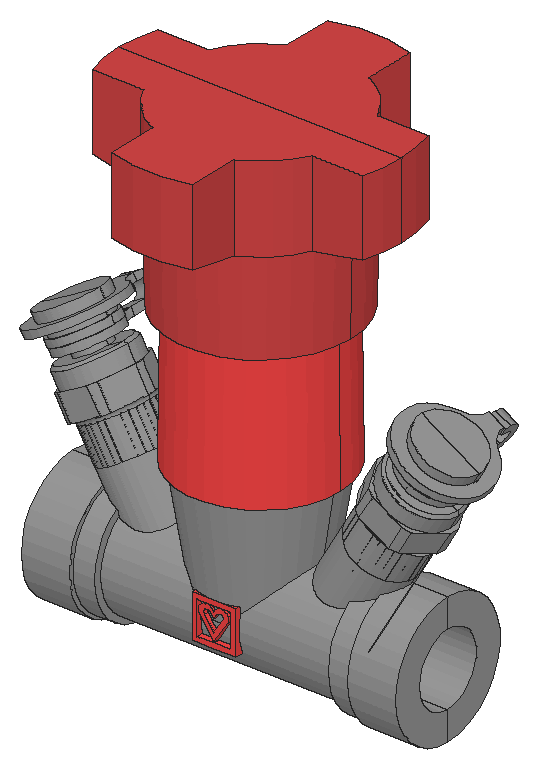
Revit family "HERZ Strömax полиамид, цвет маховика - зеленый 4217 GN", category Rohrzubehör, Revit 2020
Family settings
  Bemaßung runder Anschluss = Durchmesser verwenden
  Teiletyp = Unterbricht
  OmniClass-Nummer = 23.65.55.14
  OmniClass-Titel = Valves for Liquid Services
  Arbeitsebenenbasiert = Nein
  Immer vertikal = Ja
  Beim Laden mit Abzugskörper schneiden = Nein
  Gemeinsam genutzt = Nein
Parameters
  Шпиндель = "латунь CW617N"  # constant formula
  Уплотнение шпинделя = "EPDM"  # constant formula
  Среда = "Качество теплоносителя в соответствии с ÖNORM H5195 и VDI 2035.\r\nДопускается использование этилен- и пропиленгликоля в соотношении 25-50 % с водой."
  Положение клапана при монтаже = "Неподнимающийся шпиндель, расположенный перпендикулярно оси клапана, обеспечивает доступность и лёгкость в обслуживании в любом монтажном положении."
  Область применения = "Балансировочные клапаны применяются для гидравлической балансировки систем отопления и охлаждения, регулировки магистральных трубопроводов, стояков, теплообменников, регистров отопления и охлаждения."
  Номер заказа [instance] = size_lookup("4217_GN_", "Artnr", 0, Nennweite)  # 1421771
  Маховик = "полиамид, цвет маховика - красный"  # constant formula
  Макс. рабочее давление = 2500000.0 Pa  # constant formula
  Макс. рабочая температура (с DN40) = 110 °C  # constant formula
  Макс. рабочая температура (до DN32) = 130 °C  # constant formula
  Корпус = "латунь CW602N"  # constant formula
  Исполнение = "STRÖMAX-GN Балансировочный клапан с равнопроцентной пропускной характеристикой, с измерительными клапанами, 1/2′′ – 2′′.\r\nИсполнение с прямым невыдвижным шпинделем, муфта х муфта, латунный корпус без покрытия, уплотнение шпинделя двойным кольцевым уплотнением O-Ring, преднастройка посредством ограничения хода внутреннего шпинделя, шкала настройки находится на корпусе маховика.\r\nДва измерительных клапана расположены рядом с маховиком."
  Измерение перепада давления = "Клапаны STRÖMAX-GN оснащены двумя измерительными клапанами:\r\nс помощью измерительного прибора можно измерить перепад давления и по нему определить текущий расход в зависимости от степени преднастройки.\r\nHERZ Измерительный компьютер (1 8900 05) позволяет напрямую считывать расход (см. руководство к измерительным приборам)."
  Внутренняя резьба = "в соответствии с ISO 7/1"  # constant formula
  kvs-значения [instance] = if(Nennweite = 15.00 mm, 1.14, if(Nennweite = 20.00 mm, 2.38, if(Nennweite = 25.00 mm, 5.24, if(Nennweite = 32.00 mm, 8.6, if(Nennweite = 40.00 mm, 10.49, if(Nennweite = 50.00 mm, 16.78, 0))))))  # 1.14
  W02 = 60.00°  # constant formula
  W01 = 30.00°  # constant formula
  Vorgabe-Ansicht = 0.00 mm
  URL = "www.herz-armaturen.ru"
  SC_NennweiteBerechnet = 0
  SC_Dimension = ""
  SCRNSEQ = "ARM;ARM_TYP=\"STRV\";2"
  SCRNCODE = "05;07;02"  # constant formula
  S02 = 60.00 mm  # constant formula
  S01 [instance] = DN15_DN50  # 92.00 mm
  R01 [instance] = size_lookup("4217_GN_", "R1", 1.00 mm, Nennweite)  # 11.35 mm
  Nennweite [instance] = 15.00 mm
  ML02 [instance] = size_lookup("4217_GN_", "ML2", 1.00 mm, Nennweite)  # 29.70 mm
  ML01 [instance] = size_lookup("4217_GN_", "ML1", 1.00 mm, Nennweite)  # 15.15 mm
  MD01 = 7.40 mm  # constant formula
  L02 [instance] = size_lookup("4217_GN_", "L2", 1.00 mm, Nennweite)  # 10.00 mm
  L01 [instance] = size_lookup("4217_GN_", "L1", 1.00 mm, Nennweite)  # 14.70 mm
  L00 [instance] = size_lookup("4217_GN_", "L", 1.00 mm, Nennweite)  # 78.00 mm
  IG [instance] = Nennweite / 2  # 7.50 mm
  Hersteller = "HERZ Armaturen Ges.m.b.H."  # constant formula
  H01 = 41.50 mm  # constant formula
  H00 [instance] = size_lookup("4217_GN_", "H", 1.00 mm, Nennweite)  # 25.40 mm
  Вес [instance] = if(Nennweite = 15.00 mm, "0.50 kg", if(Nennweite = 20.00 mm, "0.58 kg", if(Nennweite = 25.00 mm, "0.81 kg", if(Nennweite = 32.00 mm, "1.2 kg", if(Nennweite = 40.00 mm, "1.37 kg", if(Nennweite = 50.00 mm, "2.06 kg", "0 kg"))))))  # "0.50 kg"
  GT [instance] = size_lookup("4217_GN_", "GT", 1.00 mm, Nennweite)  # 13.20 mm
  DN50 [instance] = Nennweite = 50.00 mm  # no
  DN40 [instance] = Nennweite = 40.00 mm  # no
  DN32 [instance] = Nennweite = 32.00 mm  # no
  DN25 [instance] = Nennweite = 25.00 mm  # no
  DN20 [instance] = Nennweite = 20.00 mm  # no
  DN15_DN50 [instance] = if(Nennweite = 15.00 mm, 92.00 mm, if(Nennweite = 20.00 mm, 95.00 mm, if(Nennweite = 25.00 mm, 102.00 mm, if(Nennweite = 32.00 mm, 114.00 mm, if(Nennweite = 40.00 mm, 114.00 mm, if(Nennweite = 50.00 mm, 119.00 mm, 0.00 mm))))))  # 92.00 mm
  DN15 [instance] = Nennweite = 15.00 mm  # yes
  D05 = 16.75 mm  # constant formula
  D04 = 16.25 mm  # constant formula
  D03 [instance] = size_lookup("4217_GN_", "D3", 1.00 mm, Nennweite)  # 15.50 mm
  D02 [instance] = size_lookup("4217_GN_", "D2", 1.00 mm, Nennweite)  # 13.50 mm
  D01 [instance] = size_lookup("4217_GN_", "D1", 1.00 mm, Nennweite)  # 12.70 mm
Reference planes
  plane 1 "Mitte (Vorne/hinten)": y = 0
  plane 2: z = 0
  plane 3 "Mitte (Links/rechts)": x = 0
Forms (mm)
  Revolve 1, solid, material "Messing, weicher Gelbton, geschweißt", detail levels fine
    sketch origin (0, 0, 0) x (1, 0, 0) y (0, 0, 1)
      loop
        line (-39, 13.5) -> (-39, 7.5) -> (-25.8, 7.5) -> (-25.8, 0) -> (25.8, 0) -> (25.8, 7.5) -> (39, 7.5) -> (39, 13.5) -> (29, 13.5) -> (29, 12.7) -> (24.3, 12.7) -> (24.3, 11.35) -> (-24.3, 11.35) -> (-24.3, 12.7) -> (-29, 12.7) -> (-29, 13.5) -> (-39, 13.5)
      axis (-39, 0) -> (39, 0)
    angle from 0 to 360
  Revolve 2, solid, material "Messing, weicher Gelbton, geschweißt", detail levels fine
    sketch origin (0, 0, 0) x (1, 0, 0) y (0, 0, 1)
      loop
        line (15.15, 0) -> (30, 25.721) -> (23.591, 29.421) -> (8.741, 3.7) -> (15.15, 0)
      axis (15.15, 0) -> (30, 25.721)
    angle from 0 to 360
  Revolve 3, solid, material "Messing, weicher Gelbton, geschweißt", detail levels fine
    sketch origin (0, 0, 0) x (-1, 0, 0) y (0, 0, 1)
      loop
        line (15.15, 0) -> (30, 25.721) -> (23.591, 29.421) -> (8.741, 3.7) -> (15.15, 0)
      axis (15.15, 0) -> (30, 25.721)
    angle from 0 to 360
  Revolve 4, solid, material "Messing, weicher Gelbton, geschweißt", detail levels fine
    sketch origin (0, 0, 0) x (1, 0, 0) y (0, 0, 1)
      loop
        line (0, 0) -> (0, 25.4) -> (-15.5, 25.4) -> (-11.35, 0) -> (0, 0)
      axis (0, 25.4) -> (0, 0)
    angle from 0 to 360
  Revolve 5, solid, material "Kunsstoff rot", detail levels fine
    sketch origin (0, 0, 0) x (1, 0, 0) y (0, 0, 1)
      loop
        line (0, 25.4) -> (0, 66.9) -> (-16.25, 66.9) -> (-16.75, 25.4) -> (0, 25.4)
      axis (0, 66.9) -> (0, 25.4)
    angle from 0 to 360
Lines and regions (mm)
  model lines, detail levels coarse+medium
    curve 1: line (-39, 0, 13.5) -> (-39, 0, -13.5)
    curve 2: line (-39, 0, -13.5) -> (39, 0, 13.5)
    curve 3: line (39, 0, 13.5) -> (39, 0, -13.5)
    curve 4: line (39, 0, -13.5) -> (-39, 0, 13.5)
    curve 5: line (0, 0, 0) -> (53.116, 0, 92)
    curve 6: line (27.135, 0, 107) -> (79.097, 0, 77)
    curve 7: line (-39, 13.5, 0) -> (-39, -13.5, 0)
    curve 8: line (-39, -13.5, 0) -> (39, 13.5, 0)
    curve 9: line (39, 13.5, 0) -> (39, -13.5, 0)
    curve 10: line (39, -13.5, 0) -> (-39, 13.5, 0)
    curve 11: line (0, 0, 0) -> (53.116, 92, 0)
    curve 12: line (27.135, 107, 0) -> (79.097, 77, 0)
Dimensions and locks
  "IG": Revolve 1 sketch curve to plane 2
  "GT": Revolve 1 sketch curve to Revolve 1 sketch curve  (x2)
  "IG": Revolve 1 sketch curve to Revolve 1 sketch curve
  "D01": Revolve 1 sketch curve to Revolve 1 sketch curve  (x2)
  "L02": Revolve 1 sketch curve to Revolve 1 sketch curve  (x2)
  "D02": Revolve 1 sketch curve to plane 2  (x2)
  equal spacing: Revolve 1 sketch curve, plane 3 "Mitte (Links/rechts)", Revolve 1 sketch curve
  "L00": Revolve 1 sketch curve to Revolve 1 sketch curve
  "R01": nested 1 to plane 1 "Mitte (Vorne/hinten)"
  "ML01": Revolve 2 sketch curve to plane 3 "Mitte (Links/rechts)"
  "ML02": Revolve 2 sketch curve to Revolve 2 sketch curve
  "MD01": Revolve 2 sketch curve to Revolve 2 sketch curve  (x2)
  "ML02": Revolve 3 sketch curve to Revolve 3 sketch curve
  "MD01": Revolve 3 sketch curve to Revolve 3 sketch curve  (x2)
  "ML01": plane 3 "Mitte (Links/rechts)" to Revolve 3 sketch curve
  "D02": curve 4 to plane 2 to curve 2
  "D02": curve 3 to plane 2 to curve 4
  equal spacing: curve 1, plane 3 "Mitte (Links/rechts)", curve 3
  "L00": curve 1 to curve 3
  equal spacing: Revolve 1, curve 5, Revolve 1
  "S01": curve 5 to plane 2
  equal spacing: curve 6, curve 5, curve 6
  "S02": curve 6 to curve 6
  "D02": curve 8 to plane 1 "Mitte (Vorne/hinten)" to curve 10
  "D02": curve 10 to plane 1 "Mitte (Vorne/hinten)" to curve 9
  equal spacing: curve 7, plane 3 "Mitte (Links/rechts)", curve 9
  "L00": curve 7 to curve 9
  equal spacing: curve 7, curve 11, curve 9
  "S01": plane 1 "Mitte (Vorne/hinten)" to curve 11
  equal spacing: curve 12, curve 11, curve 12
  "S02": curve 12 to curve 12
  "R01": Revolve 1 sketch curve to plane 2
  "H00": Revolve 4 sketch curve to plane 2
  "D03": Revolve 4 sketch curve to Revolve 4 sketch curve
  "R01": Revolve 4 sketch curve to Revolve 4 sketch curve
  "L01": Revolve 1 sketch curve to Revolve 1 sketch curve  (x2)
  "H01": Revolve 5 sketch curve to Revolve 5 sketch curve
  "H00": Revolve 5 sketch curve to plane 2
  "D04": Revolve 5 sketch curve to Revolve 5 sketch curve
  "D05": Revolve 5 sketch curve to Revolve 5 sketch curve
  "DN15_DN50": nested 14 to plane 2
  "W01": angle Revolve 2 sketch curve to plane 3 "Mitte (Links/rechts)"  (x2)
  "W01": angle plane 3 "Mitte (Links/rechts)" to Revolve 3 sketch curve  (x2)
  "W02": angle plane 2 to curve 5
  "W02": angle plane 1 "Mitte (Vorne/hinten)" to curve 11
  aligned and locked: level to plane 2
Automatic sketch dimensions
  Revolve 1 sketch curve to level = 0.00 mm  (x2)
  Revolve 1 sketch curve to Revolve 1 sketch curve = 1429.986 mm
  Revolve 1 sketch curve to Revolve 1 sketch curve = 1762.604 mm
  Revolve 2 sketch curve to level = 0.00 mm  (x2)
  Revolve 3 sketch curve to level = 0.00 mm  (x2)
  Revolve 4 sketch curve to level = 0.00 mm
  Revolve 4 sketch curve to plane 3 "Mitte (Links/rechts)" = 0.00 mm  (x2)
  Revolve 4 sketch curve to level = 366.045 mm
  Revolve 4 sketch curve to Revolve 4 sketch curve = 2188.915 mm
  Revolve 5 sketch curve to plane 3 "Mitte (Links/rechts)" = 0.00 mm  (x2)
  Revolve 5 sketch curve to level = 366.045 mm
  Revolve 5 sketch curve to Revolve 5 sketch curve = 2147.415 mm
Nested families
  nested 1: "Herz-Logo-vorne" at (0, -11.35, 0) x (0, 1, 0) z (0, 0, 1), type "Herz-Logo-vorne", detail levels fine
  nested 2: "Messstutzen_Band_Austritt_30Grad_(oben)" at (37.95, 0, 29.878), visible <- "DN50", type "Messstutzen_Band_Austritt_30Grad_(oben)", detail levels fine
    with Schutzkappe yes, Nennweite 0.00 mm, Gewicht 0.00 kg, Bestellnummer 0
  nested 3: "Messstutzen_Band_Eintritt_30Grad_(oben)" at (-37.95, 0, 29.878) x (-1, 0, 0) z (0, 0, 1), visible <- "DN50", type "Messstutzen_Band_Eintritt_30Grad_(oben)", detail levels fine
    with Schutzkappe yes, Nennweite 0.00 mm, Gewicht 0.00 kg, Bestellnummer 0
  nested 4: "Messstutzen_Band_Austritt_30Grad_(oben)" at (21.25, 0, 10.566), visible <- "DN15", type "Messstutzen_Band_Austritt_30Grad_(oben)", detail levels fine
    with Schutzkappe yes, Nennweite 0.00 mm, Gewicht 0.00 kg, Bestellnummer 0
  nested 5: "Messstutzen_Band_Eintritt_30Grad_(oben)" at (-21.25, 0, 10.566) x (-1, 0, 0) z (0, 0, 1), visible <- "DN15", type "Messstutzen_Band_Eintritt_30Grad_(oben)", detail levels fine
    with Schutzkappe yes, Nennweite 0.00 mm, Gewicht 0.00 kg, Bestellnummer 0
  nested 6: "Messstutzen_Band_Eintritt_30Grad_(oben)" at (-20.175, 0, 12.601) x (-1, 0, 0) z (0, 0, 1), visible <- "DN20", type "Messstutzen_Band_Eintritt_30Grad_(oben)", detail levels fine
    with Schutzkappe yes, Nennweite 0.00 mm, Gewicht 0.00 kg, Bestellnummer 0
  nested 7: "Messstutzen_Band_Austritt_30Grad_(oben)" at (20.175, 0, 12.601), visible <- "DN20", type "Messstutzen_Band_Austritt_30Grad_(oben)", detail levels fine
    with Schutzkappe yes, Nennweite 0.00 mm, Gewicht 0.00 kg, Bestellnummer 0
  nested 8: "Messstutzen_Band_Eintritt_30Grad_(oben)" at (-21.8, 0, 15.762) x (-1, 0, 0) z (0, 0, 1), visible <- "DN25", type "Messstutzen_Band_Eintritt_30Grad_(oben)", detail levels fine
    with Schutzkappe yes, Nennweite 0.00 mm, Gewicht 0.00 kg, Bestellnummer 0
  nested 9: "Messstutzen_Band_Austritt_30Grad_(oben)" at (21.8, 0, 15.762), visible <- "DN25", type "Messstutzen_Band_Austritt_30Grad_(oben)", detail levels fine
    with Schutzkappe yes, Nennweite 0.00 mm, Gewicht 0.00 kg, Bestellnummer 0
  nested 10: "Messstutzen_Band_Eintritt_30Grad_(oben)" at (-27.95, 0, 20.352) x (-1, 0, 0) z (0, 0, 1), visible <- "DN32", type "Messstutzen_Band_Eintritt_30Grad_(oben)", detail levels fine
    with Schutzkappe yes, Nennweite 0.00 mm, Gewicht 0.00 kg, Bestellnummer 0
  nested 11: "Messstutzen_Band_Austritt_30Grad_(oben)" at (27.95, 0, 20.352), visible <- "DN32", type "Messstutzen_Band_Austritt_30Grad_(oben)", detail levels fine
    with Schutzkappe yes, Nennweite 0.00 mm, Gewicht 0.00 kg, Bestellnummer 0
  nested 12: "Messstutzen_Band_Eintritt_30Grad_(oben)" at (-33.7, 0, 23.729) x (-1, 0, 0) z (0, 0, 1), visible <- "DN40", type "Messstutzen_Band_Eintritt_30Grad_(oben)", detail levels fine
    with Schutzkappe yes, Nennweite 0.00 mm, Gewicht 0.00 kg, Bestellnummer 0
  nested 13: "Messstutzen_Band_Austritt_30Grad_(oben)" at (33.7, 0, 23.729), visible <- "DN40", type "Messstutzen_Band_Austritt_30Grad_(oben)", detail levels fine
    with Schutzkappe yes, Nennweite 0.00 mm, Gewicht 0.00 kg, Bestellnummer 0
  nested 14: "Strangregulierventil-Handrad_(Rot) DN15-DN50" at (0, 0, 54.6), type "Strangregulierventil-Handrad_(Rot) DN15-DN50", detail levels fine
Connectors
  piping at (-25.8, 0, 0), diameter 15, driven by "Nennweite"
    settings: on Revolve 1, index 1, connector inside diameter 609.6 mm, connector length 0.00 mm, flow factor 0, pipe flow 0.0 L/s, pressure drop 0.0 Pa, fitting loss kfactor 0, connector angle 0.00°, fixture units 0, engagement length 0.00 mm, angle of deflection 0.00°, flow configuration 0, flow direction 1, fitting loss method 0, system type 29, joint type 0, gender type 0, connector reference index -1, connector utility 0, adjustable connector no, is connector primary yes, connector description ""
  piping at (25.8, 0, 0), diameter 15, driven by "Nennweite"
    settings: on Revolve 1, index 2, connector inside diameter 609.6 mm, connector length 0.00 mm, flow factor 0, pipe flow 0.0 L/s, pressure drop 0.0 Pa, fitting loss kfactor 0, connector angle 0.00°, fixture units 0, engagement length 0.00 mm, angle of deflection 0.00°, flow configuration 0, flow direction 2, fitting loss method 0, system type 29, joint type 0, gender type 0, connector reference index -1, connector utility 0, adjustable connector no, is connector primary no, connector description ""
Definition of nested family "Herz-Logo-vorne"
  Parameters (values of type "Herz-Logo-vorne")
    Default Elevation = 0.00 mm
  Reference planes
    plane 1 "Mitte (Vorne/hinten)": y = 0
    plane 2: z = 0
    plane 3 "Mitte (Links/rechts)": x = 0
  Forms (mm)
    Extrusion 1, solid
      sketch origin (0.732, -0.018, 0.017) x (0, -1, 0) y (0, 0, 1)
        loop
          line (-0.018, -4.517) -> (4.482, -4.517) -> (4.482, 4.483) -> (-4.518, 4.483) -> (-4.518, -4.517) -> (-0.018, -4.517)
        loop
          line (-0.05, -3.48) -> (3.482, -3.48) -> (3.482, 3.483) -> (-3.518, 3.483) -> (-3.518, -3.48) -> (-0.05, -3.48)
        loop
          arc (-0.018, 2.383) -> (-1.543, 3.287) -> (-3.067, 2.383) r 1.738
          arc (-3.067, 2.383) -> (-3.191, 1.899) -> (-3.067, 1.415) r 1.009
          line (-3.067, 1.415) -> (-0.018, -3.281) -> (3.032, 1.415)
          arc (3.032, 1.415) -> (3.156, 1.899) -> (3.032, 2.383) r 1.009
          arc (3.032, 2.383) -> (1.507, 3.287) -> (-0.018, 2.383) r 1.738
        loop
          arc (1.885, 1.272) -> (2.005, 1.675) -> (1.885, 2.079) r 0.74
          arc (1.885, 2.079) -> (1.265, 2.416) -> (0.644, 2.079) r 0.74
          line (0.644, 2.079) -> (-0.018, 0.97) -> (-0.679, 2.079)
          arc (-0.679, 2.079) -> (-1.3, 2.416) -> (-1.921, 2.079) r 0.74
          arc (-1.921, 2.079) -> (-2.04, 1.675) -> (-1.921, 1.272) r 0.74
          line (-1.921, 1.272) -> (-0.018, -1.658) -> (1.885, 1.272)
      from 0 to 1.5
  Dimensions and locks
    aligned and locked: level to plane 2
Definition of nested family "Messstutzen_Band_Austritt_30Grad_(oben)"
  Parameters (values of type "Messstutzen_Band_Austritt_30Grad_(oben)")
    Default Elevation = 0.00 mm
    URL = "www.herz-armaturen.at"
    Schutzkappe [instance] = yes
    Nennweite [instance] = 0.00 mm
    Manufacturer = "Herz Armaturen GmbH"  # constant formula
    Gewicht [instance] = 0.00 kg
    Bestellnummer [instance] = 0
  Reference planes
    plane 1 "Mitte (Vorne/hinten)": y = 0
    plane 2: z = 0
    plane 3 "Mitte (Links/rechts)": x = 0
  Forms (mm)
    Revolve 1, solid, detail levels fine
      sketch origin (0, 0, 0) x (0.866025, 0, -0.5) y (0.5, 0, 0.866025)
        loop
          line (-7.4, 9) -> (-5.55, 9) -> (-5.55, 6)
          arc (-5.55, 6) -> (-5.626, 5.617) -> (-5.843, 5.293) r 1
          line (-5.843, 5.293) -> (-6.455, 4.681) -> (-6.455, 0.9) -> (-5.555, 0) -> (-2, 0) -> (-2, 17.5) -> (-8.4, 17.5)
          arc (-8.4, 17.5) -> (-7.693, 17.207) -> (-7.4, 16.5) r 1
          line (-7.4, 16.5) -> (-7.4, 9)
        loop
          line (-3.7, 27) -> (-7.3, 27) -> (-7.9, 26.4) -> (-7.9, 23) -> (-2, 23) -> (-2, 35.8) -> (-3.805, 35.8) -> (-4.415, 35.19) -> (-4.415, 30.863) -> (-3.7, 30.45) -> (-3.7, 27)
        axis (0, 0) -> (0, 35.8)
      angle from 0 to 360
    Extrusion 2, solid, detail levels fine
      sketch origin (8.75, 0, 15.155) x (0, 1, 0) y (-0.866025, 0, 0.5)
        loop
          arc (-7.07, 5.156) -> (-7.578, 4.375) -> (-8, 3.544) r 8.75
          line (-8, 3.544) -> (-8, -3.544)
          arc (-8, -3.544) -> (-7.578, -4.375) -> (-7.07, -5.156) r 8.75
          line (-7.07, -5.156) -> (-0.93, -8.7)
          arc (-0.93, -8.7) -> (0, -8.75) -> (0.93, -8.7) r 8.75
          line (0.93, -8.7) -> (7.07, -5.156)
          arc (7.07, -5.156) -> (7.578, -4.375) -> (8, -3.544) r 8.75
          line (8, -3.544) -> (8, 3.544)
          arc (8, 3.544) -> (7.578, 4.375) -> (7.07, 5.156) r 8.75
          line (7.07, 5.156) -> (0.93, 8.7)
          arc (0.93, 8.7) -> (0, 8.75) -> (-0.93, 8.7) r 8.75
          line (-0.93, 8.7) -> (-7.07, 5.156)
      from 0 to 5.5
    Revolve 3, solid, visible <- "Schutzkappe", detail levels fine
      sketch origin (0, 0, 0) x (0.866025, 0, -0.5) y (0.5, 0, 0.866025)
        loop
          line (0, 35.878) -> (0, 36.678) -> (-7, 36.678) -> (-7, 33.378) -> (-6.1, 33.378) -> (-6.1, 31.678) -> (-6.9, 31.678) -> (-6.9, 30.178) -> (-4.415, 30.178) -> (-4.415, 35.268) -> (-3.805, 35.878) -> (0, 35.878)
        axis (0, 30.178) -> (0, 36.678)
      angle from 0 to 360
    Extrusion 4, solid, detail levels fine
      sketch origin (14.25, 0, 24.682) x (0, 1, 0) y (0.866025, 0, -0.5)
        loop
          circle (0, 0) r 3.7
        loop
          arc (5.505, -3.906) -> (7.288, -2.358) -> (9.582, -1.8) r 5
          line (9.582, -1.8) -> (9.582, 1.8)
          arc (9.582, 1.8) -> (7.288, 2.358) -> (5.505, 3.906) r 5
          arc (5.505, 3.906) -> (-6.75, 0) -> (5.505, -3.906) r 6.75
      from 0 to -1.5
    Extrusion 5, solid, detail levels fine
      sketch origin (16.589, 0, 28.733) x (0, 1, 0) y (0.866025, 0, -0.5)
        loop
          circle (0, 0) r 6.1
        loop
          arc (8.652, -4.495) -> (10.493, -2.527) -> (13.089, -1.8) r 5
          line (13.089, -1.8) -> (13.089, 1.8)
          arc (13.089, 1.8) -> (10.493, 2.527) -> (8.652, 4.495) r 5
          arc (8.652, 4.495) -> (-9.75, 0) -> (8.652, -4.495) r 9.75
      from 0 to -1.5
    Sweep 6, solid, detail levels fine
      path origin (1.029, 0.159, 0.98) x (-0.5, 0, -0.866025) y (0, 1, 0)
        loop
          line (-27.75, 9.582) -> (-27.75, 14.522)
          arc (-27.75, 14.522) -> (-30.089, 16.862) -> (-32.428, 14.522) r 2.339
          line (-32.428, 14.522) -> (-32.428, 13.089)
      profile origin (14.904, 12.211, 25.012) x (0.5, 0, 0.866025) y (0.866025, 0, -0.5)
        loop
          line (-0.75, -1.8) -> (0.75, -1.8) -> (0.75, 1.8) -> (-0.75, 1.8) -> (-0.75, -1.8)
  Dimensions and locks
    aligned and locked: level to plane 2
Definition of nested family "Messstutzen_Band_Eintritt_30Grad_(oben)"
  Parameters (values of type "Messstutzen_Band_Eintritt_30Grad_(oben)")
    Default Elevation = 0.00 mm
    URL = "www.herz-armaturen.at"
    Schutzkappe [instance] = yes
    Nennweite [instance] = 0.00 mm
    Manufacturer = "Herz Armaturen GmbH"  # constant formula
    Gewicht [instance] = 0.00 kg
    Bestellnummer [instance] = 0
  Reference planes
    plane 1 "Mitte (Vorne/hinten)": y = 0
    plane 2: z = 0
    plane 3 "Mitte (Links/rechts)": x = 0
  Forms (mm)
    Revolve 1, solid, detail levels fine
      sketch origin (0, 0, 0) x (0.866025, 0, -0.5) y (0.5, 0, 0.866025)
        loop
          line (-7.4, 9) -> (-5.55, 9) -> (-5.55, 6)
          arc (-5.55, 6) -> (-5.626, 5.617) -> (-5.843, 5.293) r 1
          line (-5.843, 5.293) -> (-6.455, 4.681) -> (-6.455, 0.9) -> (-5.555, 0) -> (-2, 0) -> (-2, 17.5) -> (-8.4, 17.5)
          arc (-8.4, 17.5) -> (-7.693, 17.207) -> (-7.4, 16.5) r 1
          line (-7.4, 16.5) -> (-7.4, 9)
        loop
          line (-3.7, 27) -> (-7.3, 27) -> (-7.9, 26.4) -> (-7.9, 23) -> (-2, 23) -> (-2, 35.8) -> (-3.805, 35.8) -> (-4.415, 35.19) -> (-4.415, 30.863) -> (-3.7, 30.45) -> (-3.7, 27)
        axis (0, 0) -> (0, 35.8)
      angle from 0 to 360
    Extrusion 2, solid, detail levels fine
      sketch origin (8.75, 0, 15.155) x (0, 1, 0) y (-0.866025, 0, 0.5)
        loop
          arc (-7.07, 5.156) -> (-7.578, 4.375) -> (-8, 3.544) r 8.75
          line (-8, 3.544) -> (-8, -3.544)
          arc (-8, -3.544) -> (-7.578, -4.375) -> (-7.07, -5.156) r 8.75
          line (-7.07, -5.156) -> (-0.93, -8.7)
          arc (-0.93, -8.7) -> (0, -8.75) -> (0.93, -8.7) r 8.75
          line (0.93, -8.7) -> (7.07, -5.156)
          arc (7.07, -5.156) -> (7.578, -4.375) -> (8, -3.544) r 8.75
          line (8, -3.544) -> (8, 3.544)
          arc (8, 3.544) -> (7.578, 4.375) -> (7.07, 5.156) r 8.75
          line (7.07, 5.156) -> (0.93, 8.7)
          arc (0.93, 8.7) -> (0, 8.75) -> (-0.93, 8.7) r 8.75
          line (-0.93, 8.7) -> (-7.07, 5.156)
      from 0 to 5.5
    Revolve 3, solid, visible <- "Schutzkappe", detail levels fine
      sketch origin (0, 0, 0) x (0.866025, 0, -0.5) y (0.5, 0, 0.866025)
        loop
          line (0, 35.878) -> (0, 36.678) -> (-7, 36.678) -> (-7, 33.378) -> (-6.1, 33.378) -> (-6.1, 31.678) -> (-6.9, 31.678) -> (-6.9, 30.178) -> (-4.415, 30.178) -> (-4.415, 35.268) -> (-3.805, 35.878) -> (0, 35.878)
        axis (0, 30.178) -> (0, 36.678)
      angle from 0 to 360
    Extrusion 4, solid, detail levels fine
      sketch origin (14.25, 0, 24.682) x (0, 1, 0) y (0.866025, 0, -0.5)
        loop
          circle (0, 0) r 3.7
        loop
          arc (5.505, -3.906) -> (7.288, -2.358) -> (9.582, -1.8) r 5
          line (9.582, -1.8) -> (9.582, 1.8)
          arc (9.582, 1.8) -> (7.288, 2.358) -> (5.505, 3.906) r 5
          arc (5.505, 3.906) -> (-6.75, 0) -> (5.505, -3.906) r 6.75
      from 0 to -1.5
    Extrusion 5, solid, detail levels fine
      sketch origin (16.589, 0, 28.733) x (0, 1, 0) y (0.866025, 0, -0.5)
        loop
          circle (0, 0) r 6.1
        loop
          arc (8.652, -4.495) -> (10.493, -2.527) -> (13.089, -1.8) r 5
          line (13.089, -1.8) -> (13.089, 1.8)
          arc (13.089, 1.8) -> (10.493, 2.527) -> (8.652, 4.495) r 5
          arc (8.652, 4.495) -> (-9.75, 0) -> (8.652, -4.495) r 9.75
      from 0 to -1.5
    Sweep 6, solid, detail levels fine
      path origin (0.933, -0.183, 1.116) x (-0.5, 0, -0.866025) y (0, 1, 0)
        loop
          line (-27.75, 9.582) -> (-27.75, 14.522)
          arc (-27.75, 14.522) -> (-30.089, 16.862) -> (-32.428, 14.522) r 2.339
          line (-32.428, 14.522) -> (-32.428, 13.089)
      profile origin (14.808, 11.869, 25.148) x (0.5, 0, 0.866025) y (0.866025, 0, -0.5)
        loop
          line (-0.75, -1.8) -> (0.75, -1.8) -> (0.75, 1.8) -> (-0.75, 1.8) -> (-0.75, -1.8)
  Dimensions and locks
    aligned and locked: level to plane 2
Definition of nested family "Strangregulierventil-Handrad_(Rot) DN15-DN50"
  Parameters (values of type "Strangregulierventil-Handrad_(Rot) DN15-DN50")
    Default Elevation = 0.00 mm
  Reference planes
    plane 1 "Mitte (Vorne/hinten)": y = 0
    plane 2: z = 0
    plane 3 "Mitte (Links/rechts)": x = 0
  Forms (mm)
    Revolve 1, solid, detail levels fine
      sketch origin (0, 0, 0) x (1, 0, 0) y (0, 0, 1)
        loop
          line (0, 0) -> (0, 37.4) -> (-29.4, 37.4) -> (-29.4, 21.6) -> (-19.25, 19.5) -> (-18.9, 0) -> (0, 0)
        axis (0, 37.4) -> (0, 0)
      angle from 0 to 360
    Extrusion 2, void
      sketch origin (0, 0, 0) x (1, 0, 0) y (0, 1, 0)
        loop
          arc (-8.5, 17.528) -> (-13.774, 13.774) -> (-17.528, 8.5) r 19.48
          line (-17.528, 8.5) -> (-28.144, 8.5)
          arc (-28.144, 8.5) -> (-29.4, 0) -> (-28.144, -8.5) r 29.4
          line (-28.144, -8.5) -> (-17.528, -8.5)
          arc (-17.528, -8.5) -> (-13.774, -13.774) -> (-8.5, -17.528) r 19.48
          line (-8.5, -17.528) -> (-8.5, -28.144)
          arc (-8.5, -28.144) -> (0, -29.4) -> (8.5, -28.144) r 29.4
          line (8.5, -28.144) -> (8.5, -17.528)
          arc (8.5, -17.528) -> (13.774, -13.774) -> (17.528, -8.5) r 19.48
          line (17.528, -8.5) -> (28.144, -8.5)
          arc (28.144, -8.5) -> (29.4, 0) -> (28.144, 8.5) r 29.4
          line (28.144, 8.5) -> (17.528, 8.5)
          arc (17.528, 8.5) -> (13.774, 13.774) -> (8.5, 17.528) r 19.48
          line (8.5, 17.528) -> (8.5, 28.144)
          arc (8.5, 28.144) -> (0, 29.4) -> (-8.5, 28.144) r 29.4
          line (-8.5, 28.144) -> (-8.5, 17.528)
        loop
          circle (0, 0) r 33
      from 17.15 to 46.765
  Cuts and joins
    Extrusion 2 cuts Revolve 1
  Dimensions and locks
    aligned and locked: level to plane 2
